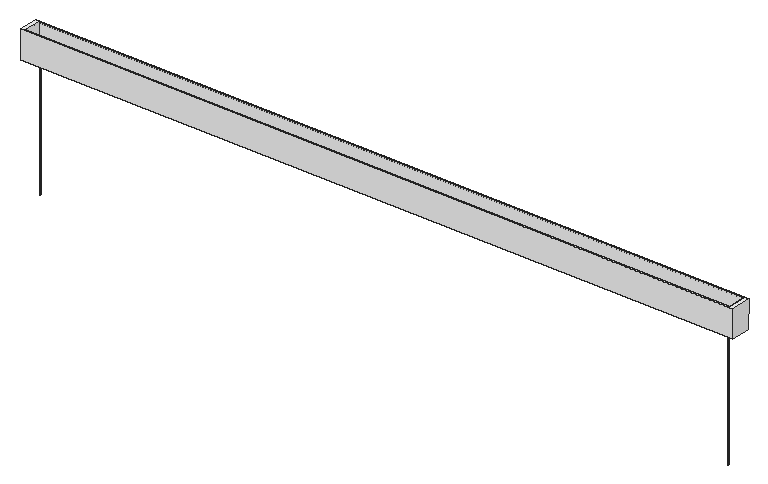
Revit family "Pursuit-C-ID", category Lighting Fixtures, host Face, Revit 2014
Parameters (values of type "RN-C-ID-08")
  zz Length 2 [instance] = Cable Height  # 16.30"
  Wattage = 52 W
  Warranty = "5-Years Warranty"  # constant formula
  built-in parameter 1150110 = 1 (stored number, unit not read)
  Voltage = 120 V
  Type Comments = "Lighting Fixture"  # constant formula
  built-in parameter 1114217 = 1 (stored number, unit not read)
  Tilt Angle = -90.00°
  built-in parameter 1150109 = 1 (stored number, unit not read)
  built-in parameter 1150134 = (empty or 0)
  built-in parameter 1150113 = 1 (stored number, unit not read)
  Product Page URL = "https://www.hubbell.com/architecturalarealighting/en/Products/Lighting-Controls/Commercial-Outdoor-Lighting/Wall-Mount/Pursuit-Family/p/2834000"
  Product Documentation Link = "https://hubbellcdn.com/specsheet/aal_rnid_spec.pdf"
  Power Factor = 1
  Photometric Web File = "RN-ID-4-10-3K8-WG-WG-CL.ies"
  Photometric Notes = "More IES files download on Photometric Link"  # constant formula
  Photometric Link = "https://www.hubbell.com/architecturalarealighting/en/Products/Lighting-Controls/Commercial-Outdoor-Lighting/Wall-Mount/Pursuit-Family/p/2834000"
  Cable Height [instance] = 16.30"
  zz Length 1 = 96.00"
  Wattage Comments = ""
  URL = "https://www.hubbell.com/architecturalarealighting/en/"
  Mounting = "Cable"  # constant formula
  Model = "Pursuit - Pendant Bidirectional"  # constant formula
  Manufacturer = "Architectural Area Lighting"  # constant formula
  built-in parameter 1150105 = 475.87 (stored number, unit not read)
  Lumens = 5980 lm
  built-in parameter 1150115 = 1 (stored number, unit not read)
  Load Classification = Lighting
  built-in parameter 1150137 = (empty or 0)
  built-in parameter 1150139 = (empty or 0)
  built-in parameter 1150112 = 1 (stored number, unit not read)
  built-in parameter 1150114 = 1 (stored number, unit not read)
  Lamp = "LED"  # constant formula
  built-in parameter 1150132 = (empty or 0)
  built-in parameter 1150102 = (empty or 0)
  built-in parameter 1150107 = 3500 (stored number, unit not read)
  built-in parameter 1150138 = (empty or 0)
  built-in parameter 1150106 = 4.7587 (stored number, unit not read)
  Glass = Glass - Hubbell - White
  Fixture Distribution = "Bidirectional"  # constant formula
  Emit from Rectangle Width = zz Length 1 - 1.00"  # 95.00"
  Emit from Rectangle Length = 2.00"  # constant formula
  Emit Shape Visible in Rendering = no
  built-in parameter 1150104 = 10.684 (stored number, unit not read)
  Dimming Lamp Color Temperature Shift = <None>
  Description = "Linear Unlimted Low profile linear form factor seamlessly blends with the architecture - day or night. Individual housing lengths can be connected with external lens for seamless and continuous runs up to 150' to meet a variety of applications"  # constant formula
  Default Elevation = 48.00"
  Create Date = "07/19/2018"  # constant formula
  Copyright = "Copyright © 2018 AAL"  # constant formula
  Contact Us = "https://www.hubbell.com/architecturalarealighting/en/contactUs"
  Color Filter = 16777215
  built-in parameter 1114218 = 1 (stored number, unit not read)
  Housing Material = Paint - Hubbell - White
  built-in parameter 1150133 = 10 (stored number, unit not read)
  Assembly Code = "D5020200"
  Apparent Load = 0 VA
Types (6): name | zz Length 2 | Wattage | Photometric Web File | Cable Height | zz Length 1 | built-in parameter 1150105 | Lumens | built-in parameter 1150106 | Emit from Rectangle Width | built-in parameter 1150104
  (no name) | 16.30" | 52 W | "RN-ID-4-10-3K8-WG-WG-CL.ies" | 16.30" | 96.00" | 475.87 (stored number, unit not read) | 5980 lm | 4.7587 (stored number, unit not read) | 95.00" | 10.684 (stored number, unit not read)
  RN-C-ID-02 | 10.00" | 13 W | "RN-ID-2-10-3K8-AS-AS-DL.ies" | 10.00" | 24.00" | 120 (stored number, unit not read) | 1508 lm | 1.2 (stored number, unit not read) | 23.00" | 10.777 (stored number, unit not read)
  RN-C-ID-03 | 16.30" | 13 W | "RN-ID-2-10-3K8-AS-AS-DL.ies" | 16.30" | 36.00" | 120 (stored number, unit not read) | 1508 lm | 1.2 (stored number, unit not read) | 35.00" | 10.777 (stored number, unit not read)
  RN-C-ID-04 | 16.30" | 52 W | "RN-ID-4-10-3K8-WG-WG-CL.ies" | 16.30" | 48.00" | 475.87 (stored number, unit not read) | 5980 lm | 4.7587 (stored number, unit not read) | 47.00" | 10.684 (stored number, unit not read)
  RN-C-ID-06 | 16.30" | 52 W | "RN-ID-4-10-3K8-WG-WG-CL.ies" | 16.30" | 72.00" | 475.87 (stored number, unit not read) | 5980 lm | 4.7587 (stored number, unit not read) | 71.00" | 10.684 (stored number, unit not read)
  RN-C-ID-08 | 16.30" | 52 W | "RN-ID-4-10-3K8-WG-WG-CL.ies" | 16.30" | 96.00" | 475.87 (stored number, unit not read) | 5980 lm | 4.7587 (stored number, unit not read) | 95.00" | 10.684 (stored number, unit not read)
Reference planes (in)
  plane 1 "Center (Front/Back)": y = 13.01342
  plane 2: z = 0
  plane 3 "Center (Left/Right)": x = 0
  plane 4: x = -48
  plane 5: x = 48
  plane 6: x = -46.37
  plane 7: x = 46.37
  plane 8: z = 0.25
  plane 9: z = 19.05
  plane 10: z = 16.3
  plane 11: z = 19.95
Forms (in)
  Revolve 1, solid, material "Paint - Hubbell - White" <- "Housing Material"
    sketch origin (5.75, 13.01342, 0) x (1, 0, 0) y (0, 0, 1)
      loop
        line (-52.12, 16.3) -> (-52.12, 0) -> (-52.07, 0) -> (-52.07, 16.3) -> (-52.12, 16.3)
      axis (-52.12, 16.3) -> (-52.12, 0)
    angle from 0 to 360
  Revolve 2, solid, material "Paint - Hubbell - White" <- "Housing Material"
    sketch origin (-5.75, 13.01342, 0) x (-1, 0, 0) y (0, 0, -1)
      loop
        line (-52.12, -16.3) -> (-52.07, -16.3) -> (-52.07, 0) -> (-52.12, 0) -> (-52.12, -16.3)
      axis (-52.12, -16.3) -> (-52.12, 0)
    angle from 0 to 360
Dimensions and locks (in)
  equal spacing: plane 5, plane 3 "Center (Left/Right)", plane 4
  "zz Length 1": plane 5 to plane 4
  locked: plane 8 to plane 2 at 0.25
  locked: plane 6 to plane 4 at 1.63
  locked: plane 5 to plane 7 at 1.63
  "zz Length 2": plane 10 to plane 2
  locked: plane 11 to plane 10 at 3.65
  locked: plane 9 to plane 10 at 2.75
  plane 10 to plane 2 = 16.30"
  aligned and locked: plane 2 to host face
  aligned and locked: level to host face
  aligned and locked: plane 3 "Center (Left/Right)" to nested 1
  aligned and locked: plane 1 "Center (Front/Back)" to nested 1
  aligned and locked: Revolve 1 sketch curve to Revolve 1 sketch curve
  aligned and locked: plane 9 to imposter light
  aligned and locked: plane 3 "Center (Left/Right)" to imposter light
  aligned and locked: Revolve 2 sketch curve to Revolve 2 sketch curve
Automatic sketch dimensions
  host sketch curve to host sketch curve = 96.00"  (x2)
  Revolve 1 sketch curve to plane 6 = 0.00"
  Revolve 1 sketch curve to plane 10 = 0.00"
  Revolve 1 sketch curve to level = 0.00"
  plane 6 to Revolve 1 sketch curve = 0.05"
  plane 8 to Revolve 1 sketch curve = 0.66777"
  Revolve 1 sketch curve to plane 10 = 5.54524"
  Revolve 2 sketch curve to plane 7 = 0.00"
  Revolve 2 sketch curve to plane 10 = 0.00"
  Revolve 2 sketch curve to level = 0.00"
  Revolve 2 sketch curve to plane 7 = 0.05"
  Revolve 2 sketch curve to plane 10 = 5.54524"
  plane 8 to Revolve 2 sketch curve = 0.66777"
Nested families (in)
  nested 1: "Pendent Bidirectional" at (-0.01104, 12.97343, 16.3), Glass <- "Glass", Backbox <- "Housing Material", Length <- "zz Length 1", type "Pendent Bidirectional"
    with Length 96.00", Glass Glass - Hubbell - White, Backbox Paint - Hubbell - White
Connectors (in)
  electrical at (0, 13.01342, 16.3), driven by "Load Classification", driven by "Voltage", driven by "Apparent Load", driven by "Power Factor"
    settings: on nested 1, index 1, voltage 120 V, apparent load 0 VA, apparent load phase1 0 VA, apparent load phase2 0 VA, apparent load phase3 0 VA, power factor 1, load classification "Lighting", number of poles 1, system type 30, power factor state 1, is connector primary yes, connector utility no, sub classification motor no, connector description "Electrical Connector"
Definition of nested family "Pendent Bidirectional"
  Parameters (values of type "Pendent Direct")
    Wattage Comments = ""
    URL = ""
    Model = ""
    Manufacturer = ""
    Length [instance] = 36.00"
    Lamp = ""
    Glass [instance] = none
    Description = ""
    Default Elevation = 48.00"
    Backbox [instance] = none
  Reference planes (in)
    plane 1 "Center (Front/Back)": y = 0.03999
    plane 2: z = 0
    plane 3 "Center (Left/Right)": x = 0.01104
    plane 4: z = 3.65
    plane 5: z = 1
    plane 6: x = -17.98896
    plane 7: x = 18.01104
    plane 8: x = -17.48896
    plane 9: x = 17.51104
    plane 10: y = 1.22499
    plane 11: y = -1.14501
    plane 12: y = -1.23501
    plane 13: y = 1.31499
    plane 14: z = 0.125
    plane 15: z = 3.525
    plane 16: x = -15.48896
    plane 17: x = 15.51104
  Forms (in)
    Extrusion 1, solid
      sketch origin (0, 0, 0.06357) x (1, 0, 0) y (0, 1, 0)
        loop
          line (-48, 48) -> (-48, -48) -> (48, -48) -> (48, 48) -> (-48, 48)
      from -0.06357 to -12.81105
    Extrusion 2, void
      sketch origin (-23.78896, 8.13374, 2) x (0, -1, 0) y (1, 0, 0)
        loop
          line (6.90875, 6.3) -> (9.27875, 6.3) -> (9.27875, 41.3) -> (6.90875, 41.3) -> (6.90875, 6.3)
      from 1.65 to -1
    Extrusion 3, solid, material <- "Backbox"
      sketch origin (0.01104, 0, 0) x (0, 1, 0) y (0, 0, 1)
        loop
          line (1.31499, 3.65) -> (-1.23501, 3.65) -> (-1.23501, 0) -> (1.31499, 0) -> (1.31499, 3.65)
      from -18 to 18
    Extrusion 4, solid, material <- "Glass"
      sketch origin (0, 0, 4.3125) x (0, -1, 0) y (1, 0, 0)
        loop
          line (-1.22499, -17.48896) -> (1.14501, -17.48896) -> (1.14501, 17.51104) -> (-1.22499, 17.51104) -> (-1.22499, -17.48896)
      from -0.7875 to -0.6625
    Extrusion 5, solid, material <- "Glass"
      sketch origin (0, 0, 0.7875) x (1, 0, 0) y (0, 1, 0)
        loop
          line (-15.48896, 1.22499) -> (-15.48896, -1.14501) -> (15.51104, -1.14501) -> (15.51104, 1.22499) -> (-15.48896, 1.22499)
      from -0.7875 to -0.6625
    Extrusion 6, void
      sketch origin (-23.78896, 8.13374, 0) x (-1, 0, 0) y (0, 1, 0)
        loop
          line (-8.3, -6.90875) -> (-39.3, -6.90875) -> (-39.3, -9.27875) -> (-8.3, -9.27875) -> (-8.3, -6.90875)
      from 0 to -1
  Cuts and joins
    Extrusion 2, Extrusion 6 cuts Extrusion 3
    Extrusion 6 cuts Extrusion 4
  Dimensions and locks (in)
    "Length": plane 7 to plane 6
    locked: plane 8 to plane 6 at 0.5
    locked: plane 7 to plane 9 at 0.5
    equal spacing: plane 7, plane 3 "Center (Left/Right)", plane 6
    plane 4 to plane 2 = 3.65"
    locked: plane 14 to plane 2 at 0.125
    locked: plane 5 to plane 2 at 1
    locked: plane 4 to plane 15 at 0.125
    equal spacing: plane 10, plane 1 "Center (Front/Back)", plane 11
    locked: plane 13 to plane 10 at 0.09
    locked: plane 11 to plane 12 at 0.09
    locked: plane 13 to plane 12 at 2.55
    locked: plane 16 to plane 6 at 2.5
    locked: plane 7 to plane 17 at 2.5
    aligned and locked: plane 2 to Extrusion 1
    aligned and locked: plane 10 to Extrusion 2 sketch curve
    aligned and locked: plane 11 to Extrusion 2 sketch curve
    aligned and locked: plane 4 to Extrusion 3 sketch curve
    aligned and locked: plane 13 to Extrusion 3 sketch curve
    aligned and locked: Extrusion 3 sketch curve to level
    aligned and locked: plane 12 to Extrusion 3 sketch curve
    aligned and locked: Extrusion 3 to plane 6
    aligned and locked: plane 7 to Extrusion 3
    aligned and locked: plane 9 to Extrusion 2
    aligned and locked: Extrusion 2 to plane 8
    aligned and locked: plane 4 to Extrusion 4
    aligned and locked: plane 4 to Extrusion 2
    aligned and locked: Extrusion 4 to plane 15
    aligned and locked: Extrusion 5 to plane 16
    aligned and locked: Extrusion 5 to plane 17
    aligned and locked: Extrusion 6 to Extrusion 2
    aligned and locked: Extrusion 6 to Extrusion 5
    aligned and locked: Extrusion 5 to Extrusion 6
    aligned and locked: Extrusion 6 to level
  Automatic sketch dimensions
    Extrusion 1 sketch curve to Extrusion 1 sketch curve = 96.00"  (x2)
    Extrusion 2 sketch curve to plane 8 = 0.00"
    Extrusion 2 sketch curve to plane 9 = 0.00"
    Extrusion 4 sketch curve to plane 9 = 0.00"
    plane 10 to Extrusion 4 sketch curve = 0.00"
    Extrusion 4 sketch curve to plane 8 = 0.00"
    Extrusion 4 sketch curve to plane 11 = 0.00"
    Extrusion 5 sketch curve to plane 11 = 0.00"
    Extrusion 5 sketch curve to plane 16 = 0.00"
    Extrusion 5 sketch curve to plane 17 = 0.00"
    plane 10 to Extrusion 5 sketch curve = 0.00"
    Extrusion 6 sketch curve to plane 9 = 2.00"
    plane 8 to Extrusion 6 sketch curve = 2.00"
    plane 10 to Extrusion 6 sketch curve = 0.00"
    Extrusion 6 sketch curve to plane 11 = 0.00"
